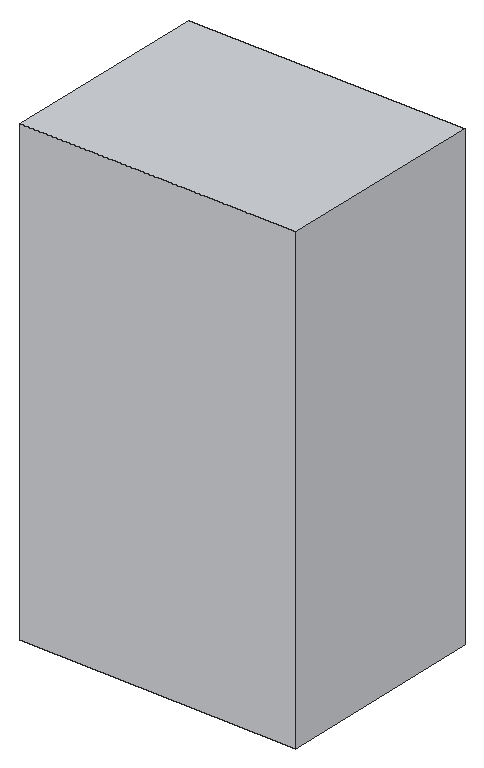
Revit family
Parameters
  Warranty Duration (Years) = 0
  Unit Width [instance] = 1' - 3 1/4"
  Unit Height [instance] = 1' - 11"
  Unit Depth = 0' - 8"
  URL = "http://www.americanspecialties.com/viewCategories.cfm"
  Trim Material = Metal - Stainless Steel
  Test Data = ""
  Specification = "http://www.arcat.com/sdspecs/htm/10810asi.htm"
  SpecWizard = ""
  Send Message = "http://www.arcat.com/users.pl?action=UserEmail&company=American%20Specialties,%20Inc.&coid=30448&rep=139&fax=914-476-0688&mf="
  Sales Information = "http://www.americanspecialties.com/contact"
  Revision = "R1_10-2010"
  Product Properties = "http://www.americanspecialties.com/datasheets/0826.pdf"
  Product Data = "http://www.arcat.com/arcatcos/cos30/arc30448.html"
  Model = "As Specified in 10 28 13"
  Manufacturer Website = "http://www.americanspecialties.com/viewCategories.cfm"
  Manufacturer Phone - Toll Free = ""
  Manufacturer Phone = "914-476-9000 "
  Manufacturer Fax = "914-476-0688"
  Manufacturer Address = "441 Saw Mill River Rd., Yonkers, NY 10701"
  Manufacturer = "American Specialties, Inc."
  Maintenance Schedule (Months) = 0
  Keynote = "10 28 13"
  Installation-Fabrication = "http://www.americanspecialties.com/products.cfm"
  Green Building-LEED = ""
  Expected Lifespan (Years) = 0
  Drawn By = "Robert S. Weygant. CSI, CDT, SCIP"  # constant formula
  Description = "Toilet Accessory as Specified in 10 28 13"
  Default Elevation = 4' - 0"
  Copyright = "©Arcat Inc."
  Construction Details = "http://www.arcat.com/green/clients/leed_data_30448.html"
  Building Codes = "http://www.americanspecialties.com/products.cfm"
  Body Material = Metal - Stainless Steel
  Assembly Code = "C1030210"
Reference planes (in)
  plane 1 "Center (Front/Back)": y = -0.29112
  plane 2 "Floor Line": z = 0
  plane 3 "Center (Left/Right)": x = -0.65843
Forms (in)
  Extrusion 1, solid
    sketch origin (-3, -9, -6) x (0, 0, -1) y (1, 0, 0)
      loop
        line (-82, 26) -> (-82, -19.34712) -> (-6, -19.34712) -> (-6, 26) -> (-82, 26)
    from 9 to -25.60721
  Extrusion 2, solid, material "Metal - Stainless Steel" <- "Body Material"
    sketch origin (0, 6.63076, 0) x (1, 0, 0) y (0, 0, 1)
      loop
        line (-8.28343, 0) -> (6.96657, 0) -> (6.96657, 8) -> (-8.28343, 8) -> (-8.28343, 0)
      loop
        line (-8.25218, 7.96875) -> (-8.25218, 0.03125) -> (6.93532, 0.03125) -> (6.93532, 7.96875) -> (-8.25218, 7.96875)
    from -4.57813 to 18.39051
  Extrusion 3, void
    sketch origin (0, 0, 0) x (1, 0, 0) y (0, 1, 0)
      loop
        line (5.62282, -8.86536) -> (5.62282, -8.54501)
        arc (5.62282, -8.54501) -> (5.52907, -8.45126) -> (5.43532, -8.54501) r 0.09375
        line (5.43532, -8.54501) -> (5.43532, -8.86536)
        arc (5.43532, -8.86536) -> (5.52907, -9.3517) -> (5.62282, -8.86536) r 0.2522
      loop
        circle (-0.65843, 8.0664) r 0.25
      loop
        circle (-0.65843, -9.09949) r 0.25
      loop
        arc (-6.93968, 8.29497) -> (-6.84593, 7.81935) -> (-6.75218, 8.29497) r 0.24705
        line (-6.75218, 8.29497) -> (-6.75218, 8.6162)
        arc (-6.75218, 8.6162) -> (-6.84593, 8.70995) -> (-6.93968, 8.6162) r 0.09375
        line (-6.93968, 8.6162) -> (-6.93968, 8.29497)
      loop
        arc (-6.93968, -8.86536) -> (-6.84593, -9.3517) -> (-6.75218, -8.86536) r 0.2522
        line (-6.75218, -8.86536) -> (-6.75218, -8.54501)
        arc (-6.75218, -8.54501) -> (-6.84593, -8.45126) -> (-6.93968, -8.54501) r 0.09375
        line (-6.93968, -8.54501) -> (-6.93968, -8.86536)
      loop
        line (5.62282, 8.29497) -> (5.62282, 8.6162)
        arc (5.62282, 8.6162) -> (5.52907, 8.70995) -> (5.43532, 8.6162) r 0.09375
        line (5.43532, 8.6162) -> (5.43532, 8.29497)
        arc (5.43532, 8.29497) -> (5.52907, 7.81935) -> (5.62282, 8.29497) r 0.24705
    from 0 to 0.03125
  Extrusion 4, solid, material "Metal - Stainless Steel" <- "Body Material"
    sketch origin (-21.54429, 0.15625, -0.65515) x (0, 1, 0) y (0, 0, 1)
      loop
        line (10.29565, 0.6864) -> (10.29565, 0.78015) -> (9.58612, 0.78015) -> (9.65113, 0.87301) -> (10.0196, 0.87301) -> (10.0196, 0.96676) -> (9.60233, 0.96676) -> (9.40603, 0.6864) -> (10.29565, 0.6864)
    from 13.83986 to 14.15687
  Extrusion 5, solid, material "Metal - Stainless Steel" <- "Trim Material"
    sketch origin (9.35744, 5.79431, 5.25) x (1, 0, 0) y (0, 1, 0)
      loop
        circle (-4.48995, 4.00748) r 0.5
    from 2.75 to 2.78125
  Extrusion 6, solid, material "Metal - Stainless Steel" <- "Body Material"
    sketch origin (0, -0.29112, 0) x (1, 0, 0) y (0, 0, 1)
      loop
        line (-8.28343, 8) -> (-8.28343, 0) -> (6.96657, 0) -> (6.96657, 8) -> (-8.28343, 8)
    from 11.46864 to 11.5
  Extrusion 7, solid, material "Metal - Stainless Steel" <- "Body Material"
    sketch origin (18.06825, 5.03125, -0.65515) x (0, 1, 0) y (0, 0, -1)
      loop
        line (5.42065, -0.6864) -> (4.53103, -0.6864) -> (4.72733, -0.96676) -> (5.1446, -0.96676) -> (5.1446, -0.87301) -> (4.77613, -0.87301) -> (4.71112, -0.78015) -> (5.42065, -0.78015) -> (5.42065, -0.6864)
    from 11.69543 to 12.00793
  Extrusion 8, solid, material "Metal - Stainless Steel" <- "Body Material"
    sketch origin (-18.85628, -8.96864, -0.65515) x (0, 1, 0) y (0, 0, 1)
      loop
        line (-0.59135, 0.6864) -> (-0.59135, 0.78015) -> (-1.28888, 0.78015) -> (-1.22387, 0.87301) -> (-0.75086, 0.87301) -> (-0.75086, 0.96676) -> (-1.27267, 0.96676) -> (-1.46897, 0.6864) -> (-0.59135, 0.6864)
    from 11.46885 to 11.15184
  Extrusion 9, solid, material "Metal - Stainless Steel" <- "Body Material"
    sketch origin (17.53941, -13.84364, -0.65515) x (0, 1, 0) y (0, 0, -1)
      loop
        line (4.28365, -0.6864) -> (3.40603, -0.6864) -> (3.60233, -0.96676) -> (4.12414, -0.96676) -> (4.12414, -0.87301) -> (3.65113, -0.87301) -> (3.58612, -0.78015) -> (4.28365, -0.78015) -> (4.28365, -0.6864)
    from 11.47909 to 11.16659
Cuts and joins
  Extrusion 3 cuts Extrusion 2
Dimensions and locks (in)
  Extrusion 2 sketch curve to Extrusion 2 sketch curve = 0' - 0 1/32"
  locked: Extrusion 2 sketch curve to Extrusion 2 sketch curve at 0.03125  (x4)
  "Unit Depth": Extrusion 2 to level
  Extrusion 5 to Extrusion 2 = 0' - 0 1/32"
  "Unit Width": Extrusion 2 to Extrusion 2
  equal spacing: Extrusion 2, plane 3 "Center (Left/Right)", Extrusion 2
  equal spacing: Extrusion 2, plane 1 "Center (Front/Back)", Extrusion 6
  "Unit Height": Extrusion 2 to Extrusion 6
  Extrusion 5 sketch curve to Extrusion 2 = 0' - 2.09907"
  Extrusion 2 to Extrusion 5 sketch curve = 0' - 1.4071"
  aligned and locked: Extrusion 1 to level
  aligned and locked: Extrusion 4 to Extrusion 2
  aligned and locked: Extrusion 5 to Extrusion 2
  aligned and locked: Extrusion 6 sketch curve to Extrusion 2  (x3)
  aligned and locked: Extrusion 2 to Extrusion 6 sketch curve
  aligned and locked: Extrusion 6 to Extrusion 2
Automatic sketch dimensions
  Extrusion 1 sketch curve to Extrusion 1 sketch curve = 6' - 4"
  Extrusion 1 sketch curve to Extrusion 1 sketch curve = 3' - 9.34712"
  Extrusion 2 sketch curve to level = 0' - 0"
  Extrusion 2 sketch curve to plane 3 "Center (Left/Right)" = 0' - 7 5/8"
  plane 3 "Center (Left/Right)" to Extrusion 2 sketch curve = 0' - 7 19/32"
  Extrusion 2 sketch curve to Extrusion 2 sketch curve = 0' - 7 15/16"
  level to Extrusion 4 sketch curve = 0' - 0 1/32"
  Extrusion 4 sketch curve to plane 1 "Center (Front/Back)" = 0' - 9.85339"
  Extrusion 4 sketch curve to Extrusion 4 sketch curve = 0' - 0.18009"
  level to Extrusion 4 sketch curve = 0' - 0.3116"
  Extrusion 4 sketch curve to Extrusion 4 sketch curve = 0' - 0.01621"
  Extrusion 4 sketch curve to Extrusion 4 sketch curve = 0' - 0.0488"
  Extrusion 4 sketch curve to Extrusion 4 sketch curve = 0' - 0 165/256"
  Extrusion 4 sketch curve to Extrusion 4 sketch curve = 0' - 0.27604"
  Extrusion 4 sketch curve to Extrusion 4 sketch curve = 0' - 0 3/32"  (x2)
  level to Extrusion 7 sketch curve = 0' - 0 1/32"
  Extrusion 7 sketch curve to plane 1 "Center (Front/Back)" = 0' - 9.85339"
  Extrusion 7 sketch curve to Extrusion 7 sketch curve = 0' - 0.18009"
  level to Extrusion 7 sketch curve = 0' - 0.3116"
  Extrusion 7 sketch curve to Extrusion 7 sketch curve = 0' - 0.01621"
  Extrusion 7 sketch curve to Extrusion 7 sketch curve = 0' - 0.0488"
  Extrusion 7 sketch curve to Extrusion 7 sketch curve = 0' - 0 165/256"
  Extrusion 7 sketch curve to Extrusion 7 sketch curve = 0' - 0.27604"
  Extrusion 7 sketch curve to Extrusion 7 sketch curve = 0' - 0 3/32"
  Extrusion 7 sketch curve to Extrusion 7 sketch curve = 0' - 0.09285"
  level to Extrusion 8 sketch curve = 0' - 0 1/32"
  plane 1 "Center (Front/Back)" to Extrusion 8 sketch curve = 0' - 10.14649"
  Extrusion 8 sketch curve to Extrusion 8 sketch curve = 0' - 0.18009"
  level to Extrusion 8 sketch curve = 0' - 0.3116"
  Extrusion 8 sketch curve to Extrusion 8 sketch curve = 0' - 0.01621"
  Extrusion 8 sketch curve to Extrusion 8 sketch curve = 0' - 0.0488"
  Extrusion 8 sketch curve to Extrusion 8 sketch curve = 0' - 0.63252"
  Extrusion 8 sketch curve to Extrusion 8 sketch curve = 0' - 0.15951"
  Extrusion 8 sketch curve to Extrusion 8 sketch curve = 0' - 0 3/32"  (x2)
  level to Extrusion 9 sketch curve = 0' - 0 1/32"
  plane 1 "Center (Front/Back)" to Extrusion 9 sketch curve = 0' - 10.14649"
  Extrusion 9 sketch curve to Extrusion 9 sketch curve = 0' - 0.18009"
  level to Extrusion 9 sketch curve = 0' - 0.3116"
  Extrusion 9 sketch curve to Extrusion 9 sketch curve = 0' - 0.01621"
  Extrusion 9 sketch curve to Extrusion 9 sketch curve = 0' - 0.0488"
  Extrusion 9 sketch curve to Extrusion 9 sketch curve = 0' - 0.63252"
  Extrusion 9 sketch curve to Extrusion 9 sketch curve = 0' - 0.15951"
  Extrusion 9 sketch curve to Extrusion 9 sketch curve = 0' - 0 3/32"
  Extrusion 9 sketch curve to Extrusion 9 sketch curve = 0' - 0.09285"
  Extrusion 3 sketch curve to plane 3 "Center (Left/Right)" = 0' - 0"  (x2)
  Extrusion 3 sketch curve to Extrusion 3 sketch curve = 0' - 0 3/32"  (x8)
  Extrusion 3 sketch curve to Extrusion 3 sketch curve = 0' - 0"  (x4)
  Extrusion 3 sketch curve to Extrusion 3 sketch curve = 0' - 0.23413"  (x2)
  Extrusion 3 sketch curve to Extrusion 3 sketch curve = 0' - 0.32035"  (x2)
  Extrusion 3 sketch curve to Extrusion 3 sketch curve = 0' - 0.22857"  (x2)
  Extrusion 3 sketch curve to Extrusion 3 sketch curve = 0' - 0.32122"  (x2)
  Extrusion 3 sketch curve to plane 1 "Center (Front/Back)" = 0' - 8.35752"
  Extrusion 3 sketch curve to plane 3 "Center (Left/Right)" = 0' - 6 9/32"  (x2)
  plane 3 "Center (Left/Right)" to Extrusion 3 sketch curve = 0' - 6 3/32"  (x2)
  plane 1 "Center (Front/Back)" to Extrusion 3 sketch curve = 0' - 8 65/256"
  radius of Extrusion 5 sketch curve = 0' - 0 1/2"
  radius of Extrusion 3 sketch curve = 0' - 0 1/4"  (x2)
